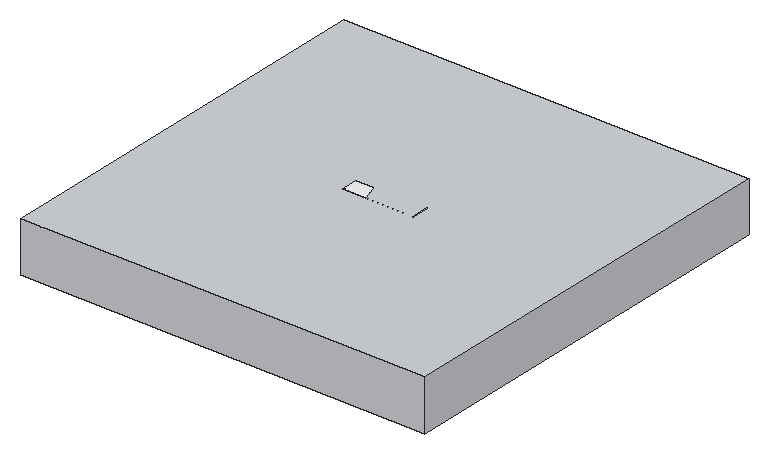
Revit family "LE_C", category Lighting Fixtures, host Face, Revit 2012
Parameters (values of type "LE-White")
  Wattage Comments = "2.2-5 W"
  Wattage = 5 W
  built-in parameter 1150110 = 1 (stored number, unit not read)
  URL = "http://www.dual-lite.com/"
  built-in parameter 1114217 = 1 (stored number, unit not read)
  built-in parameter 1150109 = 1 (stored number, unit not read)
  built-in parameter 1150134 = 3
  built-in parameter 1150113 = 1 (stored number, unit not read)
  Product Page URL = "http://www.dual-lite.com/products/lf_le/"
  Product Documentation Link = "http://www.dual-lite.com/content/products/specs/specs_files/dlt_le_specsht.pdf"
  Mounting = "Ceiling Mount"  # constant formula
  Model = "LE"  # constant formula
  Manufacturer Phone = "(864)-678-1000"  # constant formula
  Manufacturer Fax = "(864)-678-1415"  # constant formula
  Manufacturer = "Dual-Lite"  # constant formula
  built-in parameter 1150105 = 59.103 (stored number, unit not read)
  Lumens = 742.71 lm
  built-in parameter 1150115 = 1 (stored number, unit not read)
  Light Source Symbol Size = 0.250"
  built-in parameter 1150137 = (empty or 0)
  built-in parameter 1150139 = (empty or 0)
  Lettering = Red
  built-in parameter 1150112 = 1 (stored number, unit not read)
  built-in parameter 1150114 = 1 (stored number, unit not read)
  Lamp = "LED"  # constant formula
  built-in parameter 1150132 = (empty or 0)
  built-in parameter 1150102 = (empty or 0)
  built-in parameter 1150107 = 3200 (stored number, unit not read)
  built-in parameter 1150138 = (empty or 0)
  built-in parameter 1150106 = 0.59103 (stored number, unit not read)
  Glass = Glass
  Family = "Outdoor Emergency Lighting"  # constant formula
  Emit from Line Length = 13.000"
  built-in parameter 1150104 = 13.8 (stored number, unit not read)
  Dimming Lamp Color Temperature Shift = <None>
  Description = "Recessed Mounting Architectural Edge-Lit LED Exit Signs"  # constant formula
  Default Elevation = 48.000"
  Color Filter = 16777215
  built-in parameter 1114218 = 1 (stored number, unit not read)
  Backbox = White
  built-in parameter 1150133 = 10 (stored number, unit not read)
Reference planes (in)
  plane 1 "Center (Front/Back)": y = 0.03999
  plane 2: z = 0.04018
  plane 3 "Center (Left/Right)": x = 0
  plane 4: through (0, 4.17275, 0.82335) normal (0, -0.4384, 0.8988)
  plane 5: x = -8.375
  plane 6: y = 2.03999
  plane 7: x = 8.375
  plane 8: y = -1.96001
  plane 9: z = 7.56357
  plane 10: x = -7
  plane 11: x = 7
  plane 12: y = 0.28999
  plane 13: y = -0.21001
  plane 14: z = -3.6285
  plane 15: z = -3.6285
Forms (in)
  Extrusion 1, solid
    sketch origin (0, 0, 0.06357) x (1, 0, 0) y (0, 1, 0)
      loop
        line (-48, 48) -> (-48, -48) -> (48, -48) -> (48, 48) -> (-48, 48)
    from -0.02339 to -12
  Extrusion 2, solid, material "White" <- "Backbox"
    sketch origin (0, 0, -7.52339) x (0, 1, 0) y (0, 0, 1)
      loop
        line (2.03999, 7.56357) -> (-1.96001, 7.56357) -> (-1.96001, 7.47449)
        arc (-1.96001, 7.47449) -> (-1.23565, 7.43011) -> (-0.51242, 7.37006) r 33.54002
        arc (-0.51242, 7.37006) -> (0.02184, 7.35387) -> (0.55618, 7.36686) r 9.79246
        arc (0.55618, 7.36686) -> (1.29749, 7.42897) -> (2.03999, 7.47461) r 33.54002
        line (2.03999, 7.47461) -> (2.03999, 7.56357)
    from -8.375 to 8.375
  Extrusion 3, solid, material "Glass" <- "Glass"
    sketch origin (0, 0.03999, -7.52339) x (1, 0, 0) y (0, 0, 1)
      loop
        line (-7, 7.35975) -> (-7, 1.37754)
        arc (-7, 1.37754) -> (-6.67609, 0.59556) -> (-5.89411, 0.27165) r 1.10589
        arc (-5.89411, 0.27165) -> (0, 0.04018) -> (5.89411, 0.27165) r 75.15963
        arc (5.89411, 0.27165) -> (6.67609, 0.59556) -> (7, 1.37754) r 1.10589
        line (7, 1.37754) -> (7, 7.35975) -> (-7, 7.35975)
    from 0.25 to -0.25
  Extrusion 4, solid, material "Red" <- "Lettering"
    sketch origin (0.81146, 0, 1.1137) x (-1, 0, 0) y (0, 0, -1)
      loop
        line (4.26086, 7.32353) -> (4.26086, 5.24161) -> (3.07884, 5.24161) -> (3.07884, 4.92704) -> (3.07884, 4.61247) -> (4.26086, 4.61247) -> (4.26086, 2.53056) -> (3.07884, 2.53056) -> (3.07884, 2.03056) -> (4.76086, 2.03056) -> (4.76086, 4.92704) -> (4.76086, 7.82353) -> (3.07884, 7.82353) -> (3.07884, 7.32353) -> (4.26086, 7.32353)
      loop
        line (2.47814, 7.82243) -> (1.82285, 7.82243) -> (1.53481, 7.03104) -> (1.24677, 7.82243) -> (0.59148, 7.82243) -> (1.25993, 4.92704) -> (0.59148, 2.03165) -> (1.24677, 2.03165) -> (1.53481, 2.82304) -> (1.82285, 2.03165) -> (2.47814, 2.03165) -> (1.80969, 4.92704) -> (2.47814, 7.82243)
      loop
        line (-0.17116, 7.82353) -> (-0.771, 7.82353) -> (-0.771, 2.03165) -> (-0.17116, 2.03165) -> (-0.17116, 7.82353)
      loop
        line (-3.61882, 2.68694) -> (-3.61882, 2.03165) -> (-1.36882, 2.03165) -> (-1.36882, 2.68694) -> (-2.15022, 2.68694) -> (-2.15022, 7.82353) -> (-2.75006, 7.82353) -> (-2.75006, 2.68694) -> (-3.61882, 2.68694)
    from 0.21001 to 0.2345
  Extrusion 5, solid, material "Red" <- "Lettering"
    sketch origin (0.81146, 0.07998, 1.1137) x (-1, 0, 0) y (0, 0, 1)
      loop
        line (4.26086, -7.32353) -> (3.07884, -7.32353) -> (3.07884, -7.82353) -> (4.76086, -7.82353) -> (4.76086, -4.92704) -> (4.76086, -2.03056) -> (3.07884, -2.03056) -> (3.07884, -2.53056) -> (4.26086, -2.53056) -> (4.26086, -4.61247) -> (3.07884, -4.61247) -> (3.07884, -4.92704) -> (3.07884, -5.24161) -> (4.26086, -5.24161) -> (4.26086, -7.32353)
      loop
        line (2.47814, -7.82243) -> (1.80969, -4.92704) -> (2.47814, -2.03165) -> (1.82285, -2.03165) -> (1.53481, -2.82304) -> (1.24677, -2.03165) -> (0.59148, -2.03165) -> (1.25993, -4.92704) -> (0.59148, -7.82243) -> (1.24677, -7.82243) -> (1.53481, -7.03104) -> (1.82285, -7.82243) -> (2.47814, -7.82243)
      loop
        line (-0.17116, -7.82353) -> (-0.17116, -2.03165) -> (-0.771, -2.03165) -> (-0.771, -7.82353) -> (-0.17116, -7.82353)
      loop
        line (-3.61882, -2.68694) -> (-2.75006, -2.68694) -> (-2.75006, -7.82353) -> (-2.15022, -7.82353) -> (-2.15022, -2.68694) -> (-1.36882, -2.68694) -> (-1.36882, -2.03165) -> (-3.61882, -2.03165) -> (-3.61882, -2.68694)
    from -0.28999 to -0.21699
  Extrusion 6, solid, material "Red"
    sketch origin (-0.22623, 0.07998, -0.6048) x (1, 0, 0) y (0, 0, 1)
      loop
        line (-4.97072, -3.79907) -> (-4.58478, -3.79907) -> (-5.36016, -3.02369) -> (-4.58478, -2.24831) -> (-4.97072, -2.24831) -> (-5.7461, -3.02369) -> (-4.97072, -3.79907)
      loop
        line (5.42318, -3.79907) -> (6.19856, -3.02369) -> (5.42318, -2.24831) -> (5.03724, -2.24831) -> (5.81262, -3.02369) -> (5.03724, -3.79907) -> (5.42318, -3.79907)
    from 0.28999 to 0.31448
Dimensions and locks (in)
  locked: plane 5 to plane 3 "Center (Left/Right)" at 8.375
  locked: plane 7 to plane 3 "Center (Left/Right)" at 8.375
  locked: plane 6 to plane 1 "Center (Front/Back)" at 2
  locked: plane 8 to plane 1 "Center (Front/Back)" at 2
  locked: plane 9 to level at 7.5
  plane 5 to plane 10 to plane 3 "Center (Left/Right)" = 1.375", 7.000"
  plane 7 to plane 11 to plane 3 "Center (Left/Right)" = 1.375", 7.000"
  plane 1 "Center (Front/Back)" to plane 12 to plane 6 = 0.250", 1.750"  (x2)
  plane 1 "Center (Front/Back)" to plane 13 to plane 8 = 0.250", 1.750"
  Extrusion 3 to level = 0.22721"
  aligned and locked: plane 2 to Extrusion 1
  aligned and locked: Extrusion 2 to plane 5
  aligned and locked: Extrusion 2 to plane 7
  aligned and locked: plane 6 to Extrusion 2 sketch curve
  aligned and locked: Extrusion 2 sketch curve to plane 8
  aligned and locked: plane 12 to Extrusion 3
  aligned and locked: plane 13 to Extrusion 3
  aligned and locked: Extrusion 4 sketch curve to Extrusion 4 sketch curve
  aligned and locked: Extrusion 5 sketch curve to Extrusion 5 sketch curve
  aligned and locked: Extrusion 4 to Extrusion 3
  aligned and locked: Extrusion 4 to Extrusion 6
  aligned and locked: plane 14 to Extrusion 6 sketch curve  (x4)
  aligned and locked: Extrusion 6 sketch curve to plane 15  (x4)
  aligned and locked: Extrusion 3 to plane 12
  aligned and locked: Extrusion 1 to Extrusion 2
Connectors (in)
  electrical at (0, 0, 0.06357), driven by "Description"
    settings: index 1, voltage 0 V, apparent load 0 VA, apparent load phase1 0 VA, apparent load phase2 0 VA, apparent load phase3 0 VA, power factor 1, load classification "Other", number of poles 1, system type 30, power factor state 1, is connector primary yes, connector utility no, sub classification motor no, connector description "Recessed Mounting Architectural Edge-Lit LED Exit Signs"
